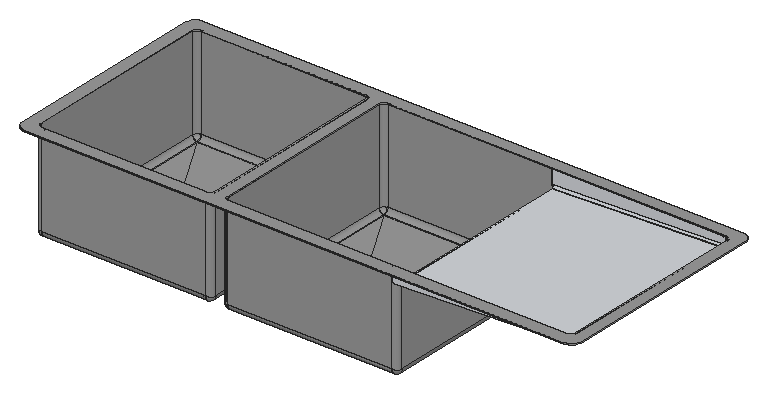
Revit family "BUILDMAT-SNA01019-Orlando-1125-Drainboard-Stainless-Steel", category Plumbing Fixtures, host Face, Revit 2020
Family settings
  Host = Face
  Round Connector Dimension = Use Diameter
  Part Type = Normal
  Cut with Voids When Loaded = No
  Shared = No
  Room Calculation Point = No
Parameters (values of type "Orlando 1125x450x205mm")
  Width 2 = 350.0 mm
  Width 1 = 350.0 mm
  Undermount [instance] = 20.0 mm
  URL = "https://www.buildmat.com.au/products/1125x450-orlando-double-bowl-drain-board-sink"
  Sound Pad 2 = yes
  Sound Pad 1 = yes
  Model = "SNA01019"  # constant formula
  Manufacturer URL = "https://www.buildmat.com.au/"
  Manufacturer = "BUILDMAT"  # constant formula
  Length = 400.0 mm
  Gap = 25.0 mm
  Drainboard Length = 350.0 mm
  Drain Sound Pad 2 = yes
  Drain Sound Pad 1 = yes
  Description = "BUILDMAT - Orlando 1125x450 Double Bowl with Drain Board Sink"  # constant formula
  Depth = 205.0 mm
  Default Elevation = 1200.0 mm
  D. S. Pad 2 = 175.0 mm
  D. S. Pad 1 = 200.0 mm
  D. Bracket 4 = 50.0 mm
  D. Bracket 3 = 100.0 mm
  D. Bracket 2 = 50.0 mm
  D. Bracket 1 = 100.0 mm
  Created By URL = "https://www.buildmat.com.au/"
  Created By = "BUILDMAT"  # constant formula
  Created = "22.06.2022"  # constant formula
  Bracket 4 = yes
  Bracket 3 = no
  Bracket 2 = yes
  Bracket 1 = yes
  Material = BUILDMAT Stainless Steel
Reference planes
  plane 1 "Center (Front/Back)": y = 0
  plane 2: z = 0
  plane 3 "Center (Left/Right)": x = 0
  plane 4: x = -12.5
  plane 5: x = 12.5
  plane 6: x = -362.5
  plane 7: x = 362.5
  plane 8: y = -200
  plane 9: y = 200
  plane 10: x = -387.5
  plane 11: y = -225
  plane 12: y = 225
  plane 13: x = 187.5
  plane 14: x = -187.5
  plane 15: y = 190
  plane 16: y = -190
  plane 17: x = -352.5
  plane 18: x = -22.5
  plane 19: x = 22.5
  plane 20: x = 352.5
  plane 21: y = 201.5
  plane 22: y = -201.5
  plane 23: x = -364
  plane 24: x = -11
  plane 25: x = 11
  plane 26: x = 364
  plane 27: x = -244.5
  plane 28: x = -130.5
  plane 29: x = -142.5
  plane 30: x = -232.5
  plane 31: x = 130.5
  plane 32: x = 142.5
  plane 33: x = 232.5
  plane 34: x = 244.5
  plane 35 "Sound Pad 1": x = -162.5
  plane 36 "Sound Pad 2": x = 187.5
  plane 37 "Top Substrate": z = -20
  plane 38: z = -18.5
  plane 39 "Bottom Void": z = -225
  plane 40: z = -215
  plane 41: z = -205
  plane 42: z = -220
  plane 43: z = -221.481
  plane 44: z = -216.5
  plane 45 "Sound Pad": z = -125
  plane 46 "Bracket 1": x = -262.5
  plane 47 "Bracket 2": x = -62.5
  plane 48 "Bracket 3": x = 112.5
  plane 49 "Bracket 4": x = 312.5
  plane 50: y = 100
  plane 51: y = -100
  plane 52: x = -287.5
  plane 53: x = -87.5
  plane 54: x = 87.5
  plane 55: x = 287.5
  plane 56: z = -185
  plane 57: z = -165
  plane 58 "Drainboard": x = 712.5
  plane 59: x = 737.5
  plane 60: x = 714
  plane 61: x = 702.5
  plane 62: z = -35
  plane 63: z = -50
  plane 64: x = 612.5
Forms (mm)
  Extrusion 1, void
    sketch origin (0, 0, 0) x (1, 0, 0) y (0, 1, 0)
      loop
        arc (-352.5, 200) -> (-359.571, 197.071) -> (-362.5, 190) r 10
        line (-362.5, 190) -> (-362.5, -190)
        arc (-362.5, -190) -> (-359.571, -197.071) -> (-352.5, -200) r 10
        line (-352.5, -200) -> (702.5, -200)
        arc (702.5, -200) -> (709.571, -197.071) -> (712.5, -190) r 10
        line (712.5, -190) -> (712.5, 190)
        arc (712.5, 190) -> (709.571, 197.071) -> (702.5, 200) r 10
        line (702.5, 200) -> (-352.5, 200)
    from 0 to -18.5
  Extrusion 2, void
    sketch origin (0, 0, 0) x (1, 0, 0) y (0, 1, 0)
      loop
        arc (-367.5, 225) -> (-381.642, 219.142) -> (-387.5, 205) r 20
        line (-387.5, 205) -> (-387.5, -205)
        arc (-387.5, -205) -> (-381.642, -219.142) -> (-367.5, -225) r 20
        line (-367.5, -225) -> (717.5, -225)
        arc (717.5, -225) -> (731.642, -219.142) -> (737.5, -205) r 20
        line (737.5, -205) -> (737.5, 205)
        arc (737.5, 205) -> (731.642, 219.142) -> (717.5, 225) r 20
        line (717.5, 225) -> (-367.5, 225)
    from -20 to -18.5
  Extrusion 3, void
    sketch origin (0, 0, 0) x (1, 0, 0) y (0, 1, 0)
      loop
        line (-364, 201.5) -> (-364, -201.5) -> (714, -201.5) -> (714, 201.5) -> (-364, 201.5)
    from -225 to -20
  Extrusion 4, solid, material "BUILDMAT Stainless Steel" <- "Material"
    sketch origin (0, 0, -20) x (-1, 0, 0) y (0, -1, 0)
      loop
        arc (367.5, -225) -> (381.642, -219.142) -> (387.5, -205) r 20
        line (387.5, -205) -> (387.5, 205)
        arc (387.5, 205) -> (381.642, 219.142) -> (367.5, 225) r 20
        line (367.5, 225) -> (-717.5, 225)
        arc (-717.5, 225) -> (-731.642, 219.142) -> (-737.5, 205) r 20
        line (-737.5, 205) -> (-737.5, -205)
        arc (-737.5, -205) -> (-731.642, -219.142) -> (-717.5, -225) r 20
        line (-717.5, -225) -> (367.5, -225)
      loop
        arc (352.5, -200) -> (359.571, -197.071) -> (362.5, -190) r 10
        line (362.5, -190) -> (362.5, 190)
        arc (362.5, 190) -> (359.571, 197.071) -> (352.5, 200) r 10
        line (352.5, 200) -> (22.5, 200)
        arc (22.5, 200) -> (15.429, 197.071) -> (12.5, 190) r 10
        line (12.5, 190) -> (12.5, -190)
        arc (12.5, -190) -> (15.429, -197.071) -> (22.5, -200) r 10
        line (22.5, -200) -> (352.5, -200)
      loop
        line (-12.5, -190) -> (-12.5, 190)
        arc (-12.5, 190) -> (-15.429, 197.071) -> (-22.5, 200) r 10
        line (-22.5, 200) -> (-702.5, 200)
        arc (-702.5, 200) -> (-709.571, 197.071) -> (-712.5, 190) r 10
        line (-712.5, 190) -> (-712.5, -190)
        arc (-712.5, -190) -> (-709.571, -197.071) -> (-702.5, -200) r 10
        line (-702.5, -200) -> (-22.5, -200)
        arc (-22.5, -200) -> (-15.429, -197.071) -> (-12.5, -190) r 10
    from 0 to 1.5
  Extrusion 5, solid, material "BUILDMAT Stainless Steel" <- "Material"
    sketch origin (0, 0, -20) x (-1, 0, 0) y (0, -1, 0)
      loop
        arc (352.5, -200) -> (359.571, -197.071) -> (362.5, -190) r 10
        line (362.5, -190) -> (362.5, 190)
        arc (362.5, 190) -> (359.571, 197.071) -> (352.5, 200) r 10
        line (352.5, 200) -> (22.5, 200)
        arc (22.5, 200) -> (15.429, 197.071) -> (12.5, 190) r 10
        line (12.5, 190) -> (12.5, -190)
        arc (12.5, -190) -> (15.429, -197.071) -> (22.5, -200) r 10
        line (22.5, -200) -> (352.5, -200)
      loop
        arc (352.5, -201.5) -> (360.632, -198.132) -> (364, -190) r 11.5
        line (364, -190) -> (364, 190)
        arc (364, 190) -> (360.632, 198.132) -> (352.5, 201.5) r 11.5
        line (352.5, 201.5) -> (22.5, 201.5)
        arc (22.5, 201.5) -> (14.368, 198.132) -> (11, 190) r 11.5
        line (11, 190) -> (11, -190)
        arc (11, -190) -> (14.368, -198.132) -> (22.5, -201.5) r 11.5
        line (22.5, -201.5) -> (352.5, -201.5)
    from 0 to -185
  Extrusion 6, solid, material "BUILDMAT Stainless Steel" <- "Material"
    sketch origin (0, 0, -20) x (-1, 0, 0) y (0, -1, 0)
      loop
        arc (-22.5, -200) -> (-15.429, -197.071) -> (-12.5, -190) r 10
        line (-12.5, -190) -> (-12.5, 190)
        arc (-12.5, 190) -> (-15.429, 197.071) -> (-22.5, 200) r 10
        line (-22.5, 200) -> (-352.5, 200)
        arc (-352.5, 200) -> (-359.571, 197.071) -> (-362.5, 190) r 10
        line (-362.5, 190) -> (-362.5, -190)
        arc (-362.5, -190) -> (-359.571, -197.071) -> (-352.5, -200) r 10
        line (-352.5, -200) -> (-22.5, -200)
      loop
        line (-11, -190) -> (-11, 190)
        arc (-11, 190) -> (-14.368, 198.132) -> (-22.5, 201.5) r 11.5
        line (-22.5, 201.5) -> (-352.5, 201.5)
        arc (-352.5, 201.5) -> (-360.632, 198.132) -> (-364, 190) r 11.5
        line (-364, 190) -> (-364, -190)
        arc (-364, -190) -> (-360.632, -198.132) -> (-352.5, -201.5) r 11.5
        line (-352.5, -201.5) -> (-22.5, -201.5)
        arc (-22.5, -201.5) -> (-14.368, -198.132) -> (-11, -190) r 11.5
    from 0 to -185
  Extrusion 7, solid, material "BUILDMAT Stainless Steel" <- "Material"
    sketch origin (0, 0, 0) x (1, 0, 0) y (0, 0, 1)
      loop
        line (-362.5, -205) -> (-364, -205)
        arc (-364, -205) -> (-360.632, -213.132) -> (-352.5, -216.5) r 11.5
        line (-352.5, -216.5) -> (-352.5, -215)
        arc (-352.5, -215) -> (-359.571, -212.071) -> (-362.5, -205) r 10
    from -190 to 190
  Extrusion 8, solid, material "BUILDMAT Stainless Steel" <- "Material"
    sketch origin (0, 0, 0) x (1, 0, 0) y (0, 0, 1)
      loop
        arc (-12.5, -205) -> (-15.429, -212.071) -> (-22.5, -215) r 10
        line (-22.5, -215) -> (-22.5, -216.5)
        arc (-22.5, -216.5) -> (-14.368, -213.132) -> (-11, -205) r 11.5
        line (-11, -205) -> (-12.5, -205)
    from -190 to 190
  Extrusion 9, solid, material "BUILDMAT Stainless Steel" <- "Material"
    sketch origin (0, 0, 0) x (1, 0, 0) y (0, 0, 1)
      loop
        line (12.5, -205) -> (11, -205)
        arc (11, -205) -> (14.368, -213.132) -> (22.5, -216.5) r 11.5
        line (22.5, -216.5) -> (22.5, -215)
        arc (22.5, -215) -> (15.429, -212.071) -> (12.5, -205) r 10
    from -190 to 190
  Extrusion 10, solid, material "BUILDMAT Stainless Steel" <- "Material"
    sketch origin (0, 0, 0) x (1, 0, 0) y (0, 0, 1)
      loop
        arc (362.5, -205) -> (359.571, -212.071) -> (352.5, -215) r 10
        line (352.5, -215) -> (352.5, -216.5)
        arc (352.5, -216.5) -> (360.632, -213.132) -> (364, -205) r 11.5
        line (364, -205) -> (362.5, -205)
    from -190 to 190
  Extrusion 11, solid, material "BUILDMAT Stainless Steel" <- "Material"
    sketch origin (0, 0, 0) x (0, 1, 0) y (0, 0, 1)
      loop
        line (201.5, -205) -> (200, -205)
        arc (200, -205) -> (197.071, -212.071) -> (190, -215) r 10
        line (190, -215) -> (190, -216.5)
        arc (190, -216.5) -> (198.132, -213.132) -> (201.5, -205) r 11.5
    from 22.5 to 352.5
  Extrusion 12, solid, material "BUILDMAT Stainless Steel" <- "Material"
    sketch origin (0, 0, 0) x (0, 1, 0) y (0, 0, 1)
      loop
        line (-200, -205) -> (-201.5, -205)
        arc (-201.5, -205) -> (-198.132, -213.132) -> (-190, -216.5) r 11.5
        line (-190, -216.5) -> (-190, -215)
        arc (-190, -215) -> (-197.071, -212.071) -> (-200, -205) r 10
    from 22.5 to 352.5
  Extrusion 13, solid, material "BUILDMAT Stainless Steel" <- "Material"
    sketch origin (0, 0, 0) x (0, 1, 0) y (0, 0, 1)
      loop
        arc (200, -205) -> (197.071, -212.071) -> (190, -215) r 10
        line (190, -215) -> (190, -216.5)
        arc (190, -216.5) -> (198.132, -213.132) -> (201.5, -205) r 11.5
        line (201.5, -205) -> (200, -205)
    from -352.5 to -22.5
  Extrusion 14, solid, material "BUILDMAT Stainless Steel" <- "Material"
    sketch origin (0, 0, 0) x (0, 1, 0) y (0, 0, 1)
      loop
        line (-200, -205) -> (-201.5, -205)
        arc (-201.5, -205) -> (-198.132, -213.132) -> (-190, -216.5) r 11.5
        line (-190, -216.5) -> (-190, -215)
        arc (-190, -215) -> (-197.071, -212.071) -> (-200, -205) r 10
    from -352.5 to -22.5
  Revolve 15, solid, material "BUILDMAT Stainless Steel" <- "Material"
    sketch origin (-423.435, 190, 4000) x (-1, 0, 0) y (0, 0, 1)
      loop
        arc (-60.935, -4205) -> (-63.864, -4212.071) -> (-70.935, -4215) r 10
        line (-70.935, -4215) -> (-70.935, -4216.5)
        arc (-70.935, -4216.5) -> (-62.804, -4213.132) -> (-59.435, -4205) r 11.5
        line (-59.435, -4205) -> (-60.935, -4205)
      axis (-70.935, -4205) -> (-70.935, -4216.5)
    angle from -90 to 0
  Revolve 16, solid, material "BUILDMAT Stainless Steel" <- "Material"
    sketch origin (-423.435, 190, 4000) x (-1, 0, 0) y (0, 0, 1)
      loop
        line (-410.935, -4205) -> (-412.435, -4205)
        arc (-412.435, -4205) -> (-409.067, -4213.132) -> (-400.935, -4216.5) r 11.5
        line (-400.935, -4216.5) -> (-400.935, -4215)
        arc (-400.935, -4215) -> (-408.006, -4212.071) -> (-410.935, -4205) r 10
      axis (-400.935, -4205) -> (-400.935, -4216.5)
    angle from -90 to 0
  Revolve 17, solid, material "BUILDMAT Stainless Steel" <- "Material"
    sketch origin (-423.435, 190, 4000) x (-1, 0, 0) y (0, 0, 1)
      loop
        arc (-435.935, -4205) -> (-438.864, -4212.071) -> (-445.935, -4215) r 10
        line (-445.935, -4215) -> (-445.935, -4216.5)
        arc (-445.935, -4216.5) -> (-437.804, -4213.132) -> (-434.435, -4205) r 11.5
        line (-434.435, -4205) -> (-435.935, -4205)
      axis (-445.935, -4205) -> (-445.935, -4216.5)
    angle from -90 to 0
  Revolve 18, solid, material "BUILDMAT Stainless Steel" <- "Material"
    sketch origin (-423.435, 190, 4000) x (-1, 0, 0) y (0, 0, 1)
      loop
        line (-785.935, -4205) -> (-787.435, -4205)
        arc (-787.435, -4205) -> (-784.067, -4213.132) -> (-775.935, -4216.5) r 11.5
        line (-775.935, -4216.5) -> (-775.935, -4215)
        arc (-775.935, -4215) -> (-783.006, -4212.071) -> (-785.935, -4205) r 10
      axis (-775.935, -4205) -> (-775.935, -4216.5)
    angle from -90 to 0
  Revolve 19, solid, material "BUILDMAT Stainless Steel" <- "Material"
    sketch origin (-423.435, -190, 4000) x (-1, 0, 0) y (0, 0, 1)
      loop
        arc (-60.935, -4205) -> (-63.864, -4212.071) -> (-70.935, -4215) r 10
        line (-70.935, -4215) -> (-70.935, -4216.5)
        arc (-70.935, -4216.5) -> (-62.804, -4213.132) -> (-59.435, -4205) r 11.5
        line (-59.435, -4205) -> (-60.935, -4205)
      axis (-70.935, -4205) -> (-70.935, -4216.5)
    angle from 0 to 90
  Revolve 20, solid, material "BUILDMAT Stainless Steel" <- "Material"
    sketch origin (-423.435, -190, 4000) x (-1, 0, 0) y (0, 0, 1)
      loop
        arc (-412.435, -4205) -> (-409.067, -4213.132) -> (-400.935, -4216.5) r 11.5
        line (-400.935, -4216.5) -> (-400.935, -4215)
        arc (-400.935, -4215) -> (-408.006, -4212.071) -> (-410.935, -4205) r 10
        line (-410.935, -4205) -> (-412.435, -4205)
      axis (-400.935, -4205) -> (-400.935, -4216.5)
    angle from 0 to 90
  Revolve 21, solid, material "BUILDMAT Stainless Steel" <- "Material"
    sketch origin (-423.435, -190, 4000) x (-1, 0, 0) y (0, 0, 1)
      loop
        line (-434.435, -4205) -> (-435.935, -4205)
        arc (-435.935, -4205) -> (-438.864, -4212.071) -> (-445.935, -4215) r 10
        line (-445.935, -4215) -> (-445.935, -4216.5)
        arc (-445.935, -4216.5) -> (-437.804, -4213.132) -> (-434.435, -4205) r 11.5
      axis (-445.935, -4205) -> (-445.935, -4216.5)
    angle from 0 to 90
  Revolve 22, solid, material "BUILDMAT Stainless Steel" <- "Material"
    sketch origin (-423.435, -190, 4000) x (-1, 0, 0) y (0, 0, 1)
      loop
        arc (-787.435, -4205) -> (-784.067, -4213.132) -> (-775.935, -4216.5) r 11.5
        line (-775.935, -4216.5) -> (-775.935, -4215)
        arc (-775.935, -4215) -> (-783.006, -4212.071) -> (-785.935, -4205) r 10
        line (-785.935, -4205) -> (-787.435, -4205)
      axis (-775.935, -4205) -> (-775.935, -4216.5)
    angle from 0 to 90
  Extrusion 23, solid, material "BUILDMAT Stainless Steel" <- "Material"
    sketch origin (0, 0, -20) x (-1, 0, 0) y (0, -1, 0)
      loop
        line (22.5, -190) -> (352.5, -190) -> (352.5, 190) -> (22.5, 190) -> (22.5, -190)
    from -196.5 to -195
  Extrusion 24, solid, material "BUILDMAT Stainless Steel" <- "Material"
    sketch origin (0, 0, -20) x (-1, 0, 0) y (0, -1, 0)
      loop
        line (-22.5, -190) -> (-22.5, 190) -> (-352.5, 190) -> (-352.5, -190) -> (-22.5, -190)
    from -196.5 to -195
  Blend 25, solid, material "BUILDMAT Stainless Steel" <- "Material"
    base sketch origin (0, 0, -20) x (-1, 0, 0) y (0, -1, 0)
      loop
        circle (187.5, 0) r 57
    top sketch origin (0, 0, -20) x (-1, 0, 0) y (0, -1, 0)
      loop
        line (352.5, -190) -> (352.5, 190) -> (22.5, 190) -> (22.5, -190) -> (352.5, -190)
    from -201.481 to -196.5
  Blend 26, solid, material "BUILDMAT Stainless Steel" <- "Material"
    base sketch origin (0, 0, -20) x (-1, 0, 0) y (0, -1, 0)
      loop
        circle (-187.5, 0) r 57
    top sketch origin (0, 0, -20) x (-1, 0, 0) y (0, -1, 0)
      loop
        line (-22.5, -190) -> (-22.5, 190) -> (-352.5, 190) -> (-352.5, -190) -> (-22.5, -190)
    from -201.481 to -196.5
  Blend 27, void
    base sketch origin (0, 0, -20) x (-1, 0, 0) y (0, -1, 0)
      loop
        circle (187.5, 0) r 57
    top sketch origin (0, 0, -20) x (-1, 0, 0) y (0, -1, 0)
      loop
        line (352.5, -190) -> (352.5, 190) -> (22.5, 190) -> (22.5, -190) -> (352.5, -190)
    from -200 to -195
  Blend 28, void
    base sketch origin (0, 0, -20) x (-1, 0, 0) y (0, -1, 0)
      loop
        circle (-187.5, 0) r 57
    top sketch origin (0, 0, -20) x (-1, 0, 0) y (0, -1, 0)
      loop
        line (-22.5, -190) -> (-22.5, 190) -> (-352.5, 190) -> (-352.5, -190) -> (-22.5, -190)
    from -200 to -195
  Extrusion 29, void
    sketch origin (0, 0, -225) x (-1, 0, 0) y (0, -1, 0)
      loop
        circle (187.5, 0) r 57
    from 0 to 5
  Extrusion 30, void
    sketch origin (0, 0, -225) x (-1, 0, 0) y (0, -1, 0)
      loop
        circle (-187.5, 0) r 57
    from 0 to 5
  Revolve 31, solid, material "BUILDMAT Stainless Steel" <- "Material"
    sketch origin (0, 0, 0) x (1, 0, 0) y (0, 0, 1)
      loop
        spline (-244.5, -220) -> (-244.397, -220.653) -> (-244.091, -221.294) -> (-243.587, -221.913) -> (-242.892, -222.5) -> (-242.02, -223.044) -> (-240.985, -223.536) -> (-239.805, -223.967) -> (-238.5, -224.33) -> (-237.092, -224.619) -> (-235.606, -224.83) -> (-234.066, -224.957) -> (-232.5, -225)
        line (-232.5, -225) -> (-232.5, -223.5)
        spline (-232.5, -223.5) -> (-233.871, -223.47) -> (-235.218, -223.381) -> (-236.518, -223.234) -> (-237.75, -223.031) -> (-238.892, -222.777) -> (-239.925, -222.475) -> (-240.83, -222.131) -> (-241.593, -221.75) -> (-242.201, -221.339) -> (-242.642, -220.906) -> (-242.91, -220.457) -> (-243, -220)
        line (-243, -220) -> (-244.5, -220)
      axis (-187.5, -225) -> (-187.5, -220)
    angle from 0 to 360
  Revolve 32, solid, material "BUILDMAT Stainless Steel" <- "Material"
    sketch origin (0, 0, 0) x (1, 0, 0) y (0, 0, 1)
      loop
        line (244.5, -220) -> (243, -220)
        spline (243, -220) -> (242.91, -220.457) -> (242.642, -220.906) -> (242.201, -221.339) -> (241.593, -221.75) -> (240.83, -222.131) -> (239.925, -222.475) -> (238.892, -222.777) -> (237.75, -223.031) -> (236.518, -223.234) -> (235.218, -223.381) -> (233.871, -223.47) -> (232.5, -223.5)
        line (232.5, -223.5) -> (232.5, -225)
        spline (232.5, -225) -> (234.066, -224.957) -> (235.606, -224.83) -> (237.092, -224.619) -> (238.5, -224.33) -> (239.805, -223.967) -> (240.985, -223.536) -> (242.02, -223.044) -> (242.892, -222.5) -> (243.587, -221.913) -> (244.091, -221.294) -> (244.397, -220.653) -> (244.5, -220)
      axis (187.5, -220) -> (187.5, -225)
    angle from 0 to 360
  Extrusion 33, solid
    sketch origin (0, 0, 0) x (1, 0, 0) y (0, 0, 1)
      loop
        line (352.5, -50) -> (714, -35) -> (714, -20) -> (712.5, -20) -> (712.5, -33.561) -> (352.5, -48.499) -> (352.5, -50)
    from -190 to 190
  Revolve 34, solid
    sketch origin (-423.435, 190, 4000) x (-1, 0, 0) y (0, 0, 1)
      loop
        line (-1137.435, -4035) -> (-1125.935, -4035.477) -> (-1125.935, -4033.976) -> (-1135.935, -4033.561) -> (-1135.935, -4020) -> (-1137.435, -4020) -> (-1137.435, -4035)
      axis (-1125.935, -4035.477) -> (-1125.935, -4020)
    angle from -90 to 0
  Revolve 35, solid
    sketch origin (-423.435, -190, 4000) x (-1, 0, 0) y (0, 0, 1)
      loop
        line (-1137.435, -4035) -> (-1125.935, -4035.477) -> (-1125.935, -4033.976) -> (-1135.935, -4033.561) -> (-1135.935, -4020) -> (-1137.435, -4020) -> (-1137.435, -4035)
      axis (-1125.935, -4035.477) -> (-1125.935, -4020)
    angle from 0 to 90
  SweptBlend 36, solid
    path origin (0, 0, -20) x (-1, 0, 0) y (0, -1, 0)
      loop
        line (-352.5, -200) -> (-702.5, -200)
    profile origin (352.5, 200, -20) x (0, 1, 0) y (0, 0, 1)
      loop
        line (0, -28.084) -> (-10, -28.499) -> (-10, -30) -> (1.5, -29.523) -> (1.5, 0) -> (0, 0) -> (0, -28.084)
    end profile origin (702.5, 200, -20) x (0, 1, 0) y (0, 0, 1)
      loop
        line (0, -13.561) -> (-10, -13.976) -> (-10, -15.477) -> (1.5, -15) -> (1.5, 0) -> (0, 0) -> (0, -13.561)
  Extrusion 37, void
    sketch origin (0, 0, -20) x (-1, 0, 0) y (0, -1, 0)
      loop
        arc (-362.5, -190) -> (-359.571, -197.071) -> (-352.5, -200) r 10
        line (-352.5, -200) -> (-352.5, 200)
        arc (-352.5, 200) -> (-359.571, 197.071) -> (-362.5, 190) r 10
        line (-362.5, 190) -> (-362.5, -190)
    from -30 to 0
  SweptBlend 38, solid
    path origin (0, 0, -20) x (-1, 0, 0) y (0, -1, 0)
      loop
        line (-352.5, 190) -> (-702.5, 190)
    profile origin (352.5, -190, -20) x (0, 1, 0) y (0, 0, 1)
      loop
        line (-11.5, -29.523) -> (0, -30) -> (0, -28.499) -> (-10, -28.084) -> (-10, 0) -> (-11.5, 0) -> (-11.5, -29.523)
    end profile origin (702.5, -190, -20) x (0, 1, 0) y (0, 0, 1)
      loop
        line (0, -15.477) -> (0, -13.976) -> (-10, -13.561) -> (-10, 0) -> (-11.5, 0) -> (-11.5, -15) -> (0, -15.477)
  SweptBlend 39, void
    path origin (0, 0, -20) x (-1, 0, 0) y (0, -1, 0)
      loop
        line (-352.5, 0) -> (-702.5, 0)
    profile origin (352.5, 0, -20) x (0, 1, 0) y (0, 0, 1)
      loop
        line (-190, -30) -> (190, -30) -> (201.5, -29.523) -> (201.5, 0) -> (-201.5, 0) -> (-201.5, -29.523) -> (-190, -30)
    end profile origin (702.5, 0, -20) x (0, 1, 0) y (0, 0, 1)
      loop
        line (201.5, 0) -> (-201.5, 0) -> (-201.5, -15) -> (201.5, -15) -> (201.5, 0)
Cuts and joins
  Blend 27, Extrusion 29 cuts Extrusion 23
  Blend 27, Extrusion 29 cuts Blend 25
  joined: Extrusion 23, Blend 25
  Blend 28, Extrusion 30 cuts Extrusion 24
  Blend 28, Extrusion 30 cuts Blend 26
  joined: Extrusion 24, Blend 26
  Extrusion 37 cuts Extrusion 33
  Extrusion 37 cuts SweptBlend 36
  Extrusion 37 cuts SweptBlend 38
  SweptBlend 39 cuts Extrusion 4
  SweptBlend 39 cuts Extrusion 6
  SweptBlend 39 cuts Revolve 34
  SweptBlend 39 cuts Revolve 35
Lines and regions (mm)
  Masking region 1
    outline origin (0, 0, 0) x (1, 0, 0) y (0, 0, 1)
      loop
        line (-362.5, -20) -> (-362.5, -205)
        arc (-362.5, -205) -> (-359.571, -212.071) -> (-352.5, -215) r 10
        line (-352.5, -215) -> (-244.5, -220) -> (-130.5, -220) -> (-22.5, -215)
        arc (-22.5, -215) -> (-15.429, -212.071) -> (-12.5, -205) r 10
        line (-12.5, -205) -> (-12.5, -20) -> (-362.5, -20)
  Masking region 2
    outline origin (0, 0, 0) x (1, 0, 0) y (0, 0, 1)
      loop
        line (12.5, -20) -> (12.5, -205)
        arc (12.5, -205) -> (15.109, -211.736) -> (21.576, -214.957) r 10
        line (21.576, -214.957) -> (130.5, -220) -> (244.5, -220) -> (352.5, -215)
        arc (352.5, -215) -> (359.571, -212.071) -> (362.5, -205) r 10
        line (362.5, -205) -> (362.5, -20) -> (12.5, -20)
  Masking region 3, visible <- "Drain Sound Pad 1"
    outline origin (0, 0, 0) x (1, 0, 0) y (0, 0, 1)
      loop
        line (-244.5, -221.481) -> (-287.5, -219.498) -> (-287.5, -225) -> (-244.5, -225) -> (-244.5, -221.481)
  Masking region 4, visible <- "Drain Sound Pad 1"
    outline origin (0, 0, 0) x (1, 0, 0) y (0, 0, 1)
      loop
        line (-130.5, -221.481) -> (-130.5, -225) -> (-87.5, -225) -> (-87.5, -219.498) -> (-130.5, -221.481)
  Masking region 5, visible <- "Drain Sound Pad 2"
    outline origin (0, 0, 0) x (1, 0, 0) y (0, 0, 1)
      loop
        line (87.5, -219.498) -> (87.5, -225) -> (130.5, -225) -> (130.5, -221.481) -> (87.5, -219.498)
  Masking region 6, visible <- "Drain Sound Pad 2"
    outline origin (0, 0, 0) x (1, 0, 0) y (0, 0, 1)
      loop
        line (287.5, -219.498) -> (244.5, -221.481) -> (244.5, -225) -> (287.5, -225) -> (287.5, -219.498)
  Masking region 7
    outline origin (0, 0, 0) x (1, 0, 0) y (0, 0, 1)
      loop
        line (-11, -165) -> (-11, -185) -> (11, -185) -> (11, -165) -> (-11, -165)
  Masking region 8
    outline origin (-423.435, -190, 4000) x (-1, 0, 0) y (0, 0, 1)
      loop
        line (-1148.435, -4020) -> (-1149.935, -4020) -> (-1149.935, -4035) -> (-1148.435, -4035) -> (-1148.435, -4020)
  Masking region 9
    outline origin (-423.435, -190, 4000) x (-1, 0, 0) y (0, 0, 1)
      loop
        line (-787.435, -4097.929) -> (-787.435, -4055.503) -> (-793.674, -4049.264) -> (-837.937, -4047.427) -> (-787.435, -4097.929)
  Masking region 10
    outline origin (0, 0, -20) x (-1, 0, 0) y (0, -1, 0)
      loop
        arc (-352.5, -200) -> (-359.571, -197.071) -> (-362.5, -190) r 10
        line (-362.5, -190) -> (-362.5, 190)
        arc (-362.5, 190) -> (-359.571, 197.071) -> (-352.5, 200) r 10
        line (-352.5, 200) -> (-702.5, 200)
        arc (-702.5, 200) -> (-709.571, 197.071) -> (-712.5, 190) r 10
        line (-712.5, 190) -> (-712.5, -190)
        arc (-712.5, -190) -> (-709.571, -197.071) -> (-702.5, -200) r 10
        line (-702.5, -200) -> (-352.5, -200)
Text (mm)
  text "Refer to www.buildmat.com.au for the most current product literature. \nAllow a +/- 5mm tolerance for dimensions shown in the product literature. \nPlease note product details are subject to change due to ongoing product development." at (0.056, -1035.857, 0), in view "Ref. Level"
Dimensions and locks
  equal spacing: plane 4, plane 3 "Center (Left/Right)", plane 5
  "Gap": plane 4 to plane 5
  "Width 1": plane 6 to plane 4
  "Width 2": plane 5 to plane 7
  equal spacing: plane 9, plane 1 "Center (Front/Back)", plane 8
  "Length": plane 8 to plane 9
  locked: plane 10 to plane 6 at 25
  locked: plane 12 to plane 9 at 25
  locked: plane 8 to plane 11 at 25
  equal spacing: plane 5, plane 13, plane 7
  equal spacing: plane 6, plane 14, plane 4
  locked: plane 9 to plane 15 at 10
  locked: plane 16 to plane 8 at 10
  locked: plane 6 to plane 17 at 10
  locked: plane 18 to plane 4 at 10
  locked: plane 5 to plane 19 at 10
  locked: plane 20 to plane 7 at 10
  locked: plane 8 to plane 22 at 1.5
  locked: plane 21 to plane 9 at 1.5
  locked: plane 23 to plane 6 at 1.5
  locked: plane 4 to plane 24 at 1.5
  locked: plane 25 to plane 5 at 1.5
  locked: plane 7 to plane 26 at 1.5
  plane 27 to plane 14 to plane 28 = 57.0 mm locked, 57.0 mm locked
  plane 30 to plane 14 to plane 29 = 45.0 mm locked, 45.0 mm locked
  plane 31 to plane 13 to plane 34 = 57.0 mm locked, 57.0 mm locked
  plane 32 to plane 13 to plane 33 = 45.0 mm locked, 45.0 mm locked
  locked: plane 38 to plane 37 "Top Substrate" at 1.5
  plane 41 to plane 40 to plane 39 "Bottom Void" = 10.0 mm locked, 10.0 mm locked
  locked: plane 42 to plane 39 "Bottom Void" at 5
  locked: plane 42 to plane 43 at 1.481
  locked: plane 40 to plane 44 at 1.5
  locked: plane 45 "Sound Pad" to plane 39 "Bottom Void" at 100
  "Depth": plane 37 "Top Substrate" to plane 39 "Bottom Void"
  "Undermount": plane 2 to plane 37 "Top Substrate"
  "D. S. Pad 1": plane 35 "Sound Pad 1" to plane 6
  "D. S. Pad 2": plane 7 to plane 36 "Sound Pad 2"
  "D. Bracket 1": plane 46 "Bracket 1" to plane 6
  "D. Bracket 2": plane 4 to plane 47 "Bracket 2"
  "D. Bracket 3": plane 48 "Bracket 3" to plane 5
  "D. Bracket 4": plane 7 to plane 49 "Bracket 4"
  locked: plane 9 to plane 50 at 100
  locked: plane 51 to plane 8 at 100
  plane 53 to plane 14 to plane 52 = 100.0 mm locked, 100.0 mm locked
  plane 55 to plane 13 to plane 54 = 100.0 mm locked, 100.0 mm locked
  plane 57 to plane 56 to plane 41 = 20.0 mm locked, 20.0 mm locked
  "Drainboard Length": plane 7 to plane 58 "Drainboard"
  locked: plane 58 "Drainboard" to plane 59 at 25
  locked: plane 58 "Drainboard" to plane 60 at 1.5
  locked: plane 61 to plane 58 "Drainboard" at 10
  plane 37 "Top Substrate" to plane 62 to plane 63 = 15.0 mm locked, 15.0 mm locked
  locked: plane 64 to plane 58 "Drainboard" at 100
  aligned and locked: plane 2 to host face
  aligned and locked: level to host face
  aligned and locked: Extrusion 1 sketch curve to plane 9
  aligned and locked: Extrusion 1 sketch curve to plane 6
  aligned and locked: Extrusion 1 sketch curve to plane 8
  aligned and locked: Extrusion 1 to level
  aligned and locked: Extrusion 1 to plane 38
  aligned and locked: Extrusion 2 sketch curve to plane 12
  aligned and locked: Extrusion 2 sketch curve to plane 10
  aligned and locked: Extrusion 2 sketch curve to plane 11
  aligned and locked: Extrusion 2 to plane 37 "Top Substrate"
  aligned and locked: Extrusion 2 to plane 38
  aligned and locked: Extrusion 3 sketch curve to plane 21
  aligned and locked: Extrusion 3 sketch curve to plane 23
  aligned and locked: Extrusion 3 sketch curve to plane 22
  aligned and locked: Extrusion 3 to plane 39 "Bottom Void"
  aligned and locked: Extrusion 3 to plane 37 "Top Substrate"
  aligned and locked: Extrusion 4 sketch curve to plane 12
  aligned and locked: Extrusion 4 sketch curve to plane 10
  aligned and locked: Extrusion 4 sketch curve to plane 11
  aligned and locked: Extrusion 4 sketch curve to plane 9  (x2)
  aligned and locked: Extrusion 4 sketch curve to plane 6
  aligned and locked: Extrusion 4 sketch curve to plane 8  (x2)
  aligned and locked: Extrusion 4 sketch curve to plane 4
  aligned and locked: Extrusion 4 sketch curve to plane 5
  aligned and locked: Extrusion 4 to plane 37 "Top Substrate"
  aligned and locked: Extrusion 4 to plane 38
  aligned and locked: Extrusion 5 sketch curve to plane 9
  aligned and locked: Extrusion 5 sketch curve to plane 21
  aligned and locked: Extrusion 5 sketch curve to plane 6
  aligned and locked: Extrusion 5 sketch curve to plane 23
  aligned and locked: Extrusion 5 sketch curve to plane 24
  aligned and locked: Extrusion 5 sketch curve to plane 4
  aligned and locked: Extrusion 5 sketch curve to plane 22
  aligned and locked: Extrusion 5 sketch curve to plane 8
  aligned and locked: Extrusion 5 to plane 41
  aligned and locked: plane 37 "Top Substrate" to Extrusion 5
  aligned and locked: Extrusion 6 sketch curve to plane 9
  aligned and locked: Extrusion 6 sketch curve to plane 7
  aligned and locked: Extrusion 6 sketch curve to plane 8
  aligned and locked: Extrusion 6 sketch curve to plane 5
  aligned and locked: Extrusion 6 sketch curve to plane 25
  aligned and locked: Extrusion 6 sketch curve to plane 26
  aligned and locked: Extrusion 6 sketch curve to plane 21
  aligned and locked: Extrusion 6 sketch curve to plane 22
  aligned and locked: Extrusion 6 to plane 41
  aligned and locked: plane 37 "Top Substrate" to Extrusion 6
  aligned and locked: Extrusion 7 sketch curve to plane 41
  aligned and locked: Extrusion 7 sketch curve to plane 17
  aligned and locked: Extrusion 8 sketch curve to plane 41
  aligned and locked: Extrusion 8 sketch curve to plane 18
  aligned and locked: Extrusion 9 sketch curve to plane 41
  aligned and locked: Extrusion 9 sketch curve to plane 19
  aligned and locked: Extrusion 10 sketch curve to plane 20
  aligned and locked: plane 41 to Extrusion 10 sketch curve
  aligned and locked: plane 15 to Extrusion 10
  aligned and locked: plane 15 to Extrusion 9
  aligned and locked: plane 15 to Extrusion 8
  aligned and locked: plane 15 to Extrusion 7
  aligned and locked: Extrusion 10 to plane 16
  aligned and locked: Extrusion 9 to plane 16
  aligned and locked: Extrusion 8 to plane 16
  aligned and locked: Extrusion 7 to plane 16
  aligned and locked: plane 41 to Extrusion 11 sketch curve
  aligned and locked: plane 15 to Extrusion 11 sketch curve
  aligned and locked: plane 16 to Extrusion 12 sketch curve
  aligned and locked: plane 41 to Extrusion 12 sketch curve
  aligned and locked: plane 20 to Extrusion 11
  aligned and locked: plane 20 to Extrusion 12
  aligned and locked: Extrusion 11 to plane 19
  aligned and locked: Extrusion 12 to plane 19
  aligned and locked: plane 15 to Extrusion 13 sketch curve
  aligned and locked: plane 41 to Extrusion 13 sketch curve
  aligned and locked: plane 16 to Extrusion 14 sketch curve
  aligned and locked: plane 41 to Extrusion 14 sketch curve
  aligned and locked: Extrusion 14 to plane 17
  aligned and locked: plane 18 to Extrusion 14
  aligned and locked: Extrusion 13 to plane 17
  aligned and locked: plane 18 to Extrusion 13
  aligned and locked: Revolve 15 sketch curve to plane 17
  aligned and locked: plane 41 to Revolve 15 sketch curve
  aligned and locked: plane 17 to Revolve 15 sketch curve
  aligned and locked: plane 17 to Revolve 15
  aligned and locked: plane 15 to Revolve 15
  aligned and locked: Revolve 16 sketch curve to plane 18
  aligned and locked: plane 18 to Revolve 16 sketch curve
  aligned and locked: plane 41 to Revolve 16 sketch curve
  aligned and locked: Revolve 16 to plane 18
  aligned and locked: plane 15 to Revolve 16
  aligned and locked: Revolve 17 sketch curve to plane 19
  aligned and locked: plane 41 to Revolve 17 sketch curve
  aligned and locked: plane 19 to Revolve 17 sketch curve
  aligned and locked: plane 19 to Revolve 17
  aligned and locked: plane 15 to Revolve 17
  aligned and locked: Revolve 18 sketch curve to plane 20
  aligned and locked: plane 20 to Revolve 18 sketch curve
  aligned and locked: plane 41 to Revolve 18 sketch curve
  aligned and locked: Revolve 18 to plane 20
  aligned and locked: plane 15 to Revolve 18
  aligned and locked: Revolve 19 sketch curve to plane 17
  aligned and locked: plane 41 to Revolve 19 sketch curve
  aligned and locked: plane 17 to Revolve 19 sketch curve
  aligned and locked: Revolve 19 to plane 17
  aligned and locked: plane 16 to Revolve 19
  aligned and locked: Revolve 20 sketch curve to plane 18
  aligned and locked: plane 41 to Revolve 20 sketch curve
  aligned and locked: plane 18 to Revolve 20 sketch curve
  aligned and locked: plane 18 to Revolve 20
  aligned and locked: plane 16 to Revolve 20
  aligned and locked: Revolve 21 sketch curve to plane 19
  aligned and locked: plane 41 to Revolve 21 sketch curve
  aligned and locked: plane 19 to Revolve 21 sketch curve
  aligned and locked: Revolve 21 to plane 19
  aligned and locked: plane 16 to Revolve 21
  aligned and locked: Revolve 22 sketch curve to plane 20
  aligned and locked: plane 41 to Revolve 22 sketch curve
  aligned and locked: plane 20 to Revolve 22 sketch curve
  aligned and locked: plane 16 to Revolve 22
  aligned and locked: plane 20 to Revolve 22
  aligned and locked: Extrusion 23 sketch curve to plane 18
  aligned and locked: Extrusion 23 sketch curve to plane 17
  aligned and locked: Extrusion 23 sketch curve to plane 15
  aligned and locked: Extrusion 23 sketch curve to plane 16
  aligned and locked: Extrusion 23 to plane 44
  aligned and locked: plane 40 to Extrusion 23
  aligned and locked: Extrusion 24 sketch curve to plane 15
  aligned and locked: Extrusion 24 sketch curve to plane 16
  aligned and locked: Extrusion 24 sketch curve to plane 20
  aligned and locked: Extrusion 24 sketch curve to plane 19
  aligned and locked: Extrusion 24 to plane 44
  aligned and locked: Extrusion 24 to plane 40
  aligned and locked: plane 43 to Blend 25
  aligned and locked: plane 44 to Blend 25
  aligned and locked: plane 43 to Blend 26
  aligned and locked: Blend 26 to plane 44
  aligned and locked: Blend 25 sketch curve to plane 15
  aligned and locked: Blend 25 sketch curve to plane 16
  aligned and locked: Blend 25 sketch curve to plane 17
  aligned and locked: Blend 25 sketch curve to plane 18
  aligned and locked: Blend 26 sketch curve to plane 15
  aligned and locked: Blend 26 sketch curve to plane 16
  aligned and locked: Blend 26 sketch curve to plane 20
  aligned and locked: Blend 26 sketch curve to plane 19
  aligned and locked: Blend 27 sketch curve to plane 15
  aligned and locked: Blend 27 sketch curve to plane 16
  aligned and locked: Blend 27 sketch curve to plane 17
  aligned and locked: Blend 27 sketch curve to plane 18
  aligned and locked: Blend 27 to plane 42
  aligned and locked: plane 40 to Blend 27
  aligned and locked: Blend 28 sketch curve to plane 15
  aligned and locked: Blend 28 sketch curve to plane 16
  aligned and locked: Blend 28 sketch curve to plane 20
  aligned and locked: Blend 28 sketch curve to plane 19
  aligned and locked: Blend 28 to plane 42
  aligned and locked: Blend 28 to plane 40
  aligned and locked: Extrusion 29 to plane 39 "Bottom Void"
  aligned and locked: plane 42 to Extrusion 29
  aligned and locked: Extrusion 30 to plane 39 "Bottom Void"
  aligned and locked: plane 42 to Extrusion 30
  aligned and locked: plane 14 to Revolve 31 sketch curve
  aligned and locked: Revolve 31 sketch curve to plane 42
  aligned and locked: plane 30 to Revolve 31 sketch curve
  aligned and locked: Revolve 32 sketch curve to plane 13
  aligned and locked: plane 33 to Revolve 32 sketch curve
  aligned and locked: plane 42 to Revolve 32 sketch curve
  aligned and locked: plane 17 to nested 1
  aligned and locked: plane 18 to nested 1
  aligned and locked: plane 16 to nested 1
  aligned and locked: plane 15 to nested 1
  aligned and locked: plane 19 to nested 2
  aligned and locked: plane 20 to nested 2
  aligned and locked: plane 16 to nested 2
  aligned and locked: plane 13 to nested 4
  aligned and locked: plane 14 to nested 3
  aligned and locked: plane 1 "Center (Front/Back)" to nested 3
  aligned and locked: plane 1 "Center (Front/Back)" to nested 4
  aligned and locked: plane 50 to nested 5
  aligned and locked: plane 23 to nested 5
  aligned and locked: plane 51 to nested 6
  aligned and locked: plane 23 to nested 6
  aligned and locked: nested 11 to plane 46 "Bracket 1"
  aligned and locked: nested 12 to plane 47 "Bracket 2"
  aligned and locked: plane 22 to nested 11
  aligned and locked: plane 22 to nested 12
  aligned and locked: nested 13 to plane 48 "Bracket 3"
  aligned and locked: plane 22 to nested 13
  aligned and locked: nested 14 to plane 49 "Bracket 4"
  aligned and locked: plane 22 to nested 14
  aligned and locked: plane 46 "Bracket 1" to nested 7
  aligned and locked: nested 7 to plane 21
  aligned and locked: plane 47 "Bracket 2" to nested 8
  aligned and locked: nested 8 to plane 21
  aligned and locked: plane 48 "Bracket 3" to nested 9
  aligned and locked: plane 49 "Bracket 4" to nested 10
  aligned and locked: nested 10 to plane 21
  aligned and locked: nested 9 to plane 21
  aligned and locked: Masking region 1 sketch curve to plane 37 "Top Substrate"
  aligned and locked: Masking region 1 sketch curve to plane 6
  aligned and locked: Masking region 1 sketch curve to plane 4
  aligned and locked: Masking region 1 sketch curve to Extrusion 7
  aligned and locked: Masking region 1 sketch curve to Extrusion 8
  aligned and locked: Masking region 1 sketch curve to plane 42
  aligned and locked: Masking region 1 sketch curve to cut or joined group of Extrusion 23, Blend 25, Blend 27, Extrusion 29  (x2)
  aligned and locked: Masking region 2 sketch curve to plane 37 "Top Substrate"
  aligned and locked: Masking region 2 sketch curve to plane 42
  aligned and locked: Masking region 2 sketch curve to plane 7
  aligned and locked: Masking region 2 sketch curve to plane 5
  aligned and locked: Masking region 2 sketch curve to Extrusion 9
  aligned and locked: Masking region 2 sketch curve to cut or joined group of Extrusion 24, Blend 26, Blend 28, Extrusion 30  (x2)
  aligned and locked: Masking region 2 sketch curve to Extrusion 10
  aligned and locked: nested 15 to plane 37 "Top Substrate"
  aligned and locked: plane 46 "Bracket 1" to nested 15
  aligned and locked: nested 16 to plane 37 "Top Substrate"
  aligned and locked: plane 47 "Bracket 2" to nested 16
  aligned and locked: nested 18 to plane 37 "Top Substrate"
  aligned and locked: plane 49 "Bracket 4" to nested 18
  aligned and locked: nested 17 to plane 37 "Top Substrate"
  aligned and locked: plane 48 "Bracket 3" to nested 17
  aligned and locked: nested 19 to plane 45 "Sound Pad"
  aligned and locked: plane 35 "Sound Pad 1" to nested 19
  aligned and locked: nested 20 to plane 45 "Sound Pad"
  aligned and locked: plane 36 "Sound Pad 2" to nested 20
  aligned and locked: Masking region 3 sketch curve to plane 27
  aligned and locked: cut or joined group of Extrusion 23, Blend 25, Blend 27, Extrusion 29 to Masking region 3 sketch curve
  aligned and locked: Masking region 3 sketch curve to plane 39 "Bottom Void"
  aligned and locked: Masking region 3 sketch curve to plane 52
  aligned and locked: Masking region 4 sketch curve to plane 28
  aligned and locked: Masking region 4 sketch curve to plane 53
  aligned and locked: Masking region 4 sketch curve to plane 39 "Bottom Void"
  aligned and locked: Masking region 4 sketch curve to cut or joined group of Extrusion 23, Blend 25, Blend 27, Extrusion 29
  aligned and locked: cut or joined group of Extrusion 24, Blend 26, Blend 28, Extrusion 30 to Masking region 5 sketch curve
  aligned and locked: Masking region 5 sketch curve to plane 54
  aligned and locked: Masking region 5 sketch curve to plane 31
  aligned and locked: Masking region 5 sketch curve to plane 39 "Bottom Void"
  aligned and locked: Masking region 6 sketch curve to plane 55
  aligned and locked: Masking region 6 sketch curve to plane 34
  aligned and locked: Masking region 6 sketch curve to cut or joined group of Extrusion 24, Blend 26, Blend 28, Extrusion 30
  aligned and locked: Masking region 6 sketch curve to plane 39 "Bottom Void"
  aligned and locked: Masking region 7 sketch curve to plane 57
  aligned and locked: Masking region 7 sketch curve to plane 56
  aligned and locked: Masking region 7 sketch curve to plane 24
  aligned and locked: Masking region 7 sketch curve to plane 25
  aligned and locked: Extrusion 4 sketch curve to plane 59
  aligned and locked: Extrusion 4 sketch curve to plane 58 "Drainboard"
  aligned and locked: Extrusion 2 sketch curve to plane 59
  aligned and locked: Extrusion 3 sketch curve to plane 60
  aligned and locked: Extrusion 1 sketch curve to plane 58 "Drainboard"
  aligned and locked: Extrusion 33 sketch curve to plane 20
  aligned and locked: Extrusion 33 sketch curve to plane 60
  aligned and locked: plane 37 "Top Substrate" to Extrusion 33 sketch curve
  aligned and locked: Extrusion 33 sketch curve to plane 58 "Drainboard"
  aligned and locked: Extrusion 33 to plane 15
  aligned and locked: Extrusion 33 to plane 16
  aligned and locked: plane 61 to Revolve 34 sketch curve  (x2)
  aligned and locked: plane 60 to Revolve 34 sketch curve
  aligned and locked: plane 58 "Drainboard" to Revolve 34 sketch curve
  aligned and locked: Revolve 34 sketch curve to Extrusion 33
  aligned and locked: Extrusion 33 to Revolve 34 sketch curve
  aligned and locked: plane 37 "Top Substrate" to Revolve 34 sketch curve
  aligned and locked: Revolve 34 to plane 61
  aligned and locked: Revolve 34 to plane 15
  aligned and locked: Revolve 35 sketch curve to plane 37 "Top Substrate"
  aligned and locked: plane 61 to Revolve 35 sketch curve  (x2)
  aligned and locked: plane 60 to Revolve 35 sketch curve
  aligned and locked: plane 58 "Drainboard" to Revolve 35 sketch curve
  aligned and locked: plane 37 "Top Substrate" to Revolve 35 sketch curve
  aligned and locked: Extrusion 33 to Revolve 35 sketch curve
  aligned and locked: Revolve 35 sketch curve to Extrusion 33
  aligned and locked: Revolve 35 to plane 16
  aligned and locked: plane 61 to Revolve 35
  aligned and locked: plane 20 to SweptBlend 36 sketch curve
  aligned and locked: plane 61 to SweptBlend 36 sketch curve
  aligned and locked: SweptBlend 36 sketch curve to plane 9
  aligned and locked: plane 9 to SweptBlend 36 sketch curve  (x2)
  aligned and locked: plane 21 to SweptBlend 36 sketch curve  (x2)
  aligned and locked: plane 37 "Top Substrate" to SweptBlend 36 sketch curve  (x2)
  aligned and locked: plane 15 to SweptBlend 36 sketch curve  (x2)
  aligned and locked: Extrusion 37 sketch curve to plane 20
  aligned and locked: Extrusion 37 sketch curve to Extrusion 6  (x2)
  aligned and locked: plane 63 to Extrusion 37
  aligned and locked: plane 37 "Top Substrate" to Extrusion 37
  aligned and locked: plane 20 to SweptBlend 38 sketch curve
  aligned and locked: plane 61 to SweptBlend 38 sketch curve
  aligned and locked: SweptBlend 38 sketch curve to plane 16
  aligned and locked: plane 16 to SweptBlend 38 sketch curve  (x2)
  aligned and locked: plane 22 to SweptBlend 38 sketch curve  (x2)
  aligned and locked: plane 8 to SweptBlend 38 sketch curve  (x2)
  aligned and locked: plane 37 "Top Substrate" to SweptBlend 38 sketch curve  (x2)
  aligned and locked: plane 20 to SweptBlend 39 sketch curve
  aligned and locked: plane 1 "Center (Front/Back)" to SweptBlend 39 sketch curve
  aligned and locked: plane 61 to SweptBlend 39 sketch curve
  aligned and locked: plane 63 to SweptBlend 39 sketch curve
  aligned and locked: plane 37 "Top Substrate" to SweptBlend 39 sketch curve
  aligned and locked: plane 21 to SweptBlend 39 sketch curve
  aligned and locked: plane 22 to SweptBlend 39 sketch curve  (x2)
  aligned and locked: SweptBlend 39 sketch curve to plane 21
  aligned and locked: SweptBlend 39 sketch curve to plane 37 "Top Substrate"
  aligned and locked: SweptBlend 39 sketch curve to plane 62
  aligned and locked: nested 21 to plane 21
  aligned and locked: plane 64 to nested 21
  aligned and locked: plane 22 to nested 24
  aligned and locked: nested 24 to plane 64
  aligned and locked: plane 51 to nested 23
  aligned and locked: plane 60 to nested 23
  aligned and locked: plane 50 to nested 22
  aligned and locked: plane 60 to nested 22
  aligned and locked: Masking region 10 sketch curve to plane 9
  aligned and locked: Masking region 10 sketch curve to plane 8
  aligned and locked: Masking region 10 sketch curve to plane 58 "Drainboard"
  aligned and locked: Masking region 10 sketch curve to plane 7
Automatic sketch dimensions
  host sketch curve to host sketch curve = 2438.4 mm  (x2)
  Extrusion 5 sketch curve to plane 18 = 0.0 mm
  Extrusion 5 sketch curve to plane 17 = 0.0 mm  (x2)
  Extrusion 5 sketch curve to plane 16 = 0.0 mm
  Extrusion 5 sketch curve to Extrusion 5 sketch curve = 0.0 mm  (x4)
  Extrusion 6 sketch curve to plane 20 = 0.0 mm
  Extrusion 6 sketch curve to plane 19 = 0.0 mm  (x2)
  Extrusion 6 sketch curve to plane 15 = 0.0 mm
  Extrusion 6 sketch curve to Extrusion 6 sketch curve = 0.0 mm  (x4)
  Extrusion 7 sketch curve to plane 6 = 0.0 mm
  Extrusion 7 sketch curve to plane 44 = 0.0 mm
  Extrusion 8 sketch curve to plane 4 = 0.0 mm
  Extrusion 8 sketch curve to plane 44 = 0.0 mm
  Extrusion 9 sketch curve to plane 5 = 0.0 mm
  Extrusion 9 sketch curve to plane 44 = 0.0 mm
  Extrusion 10 sketch curve to plane 7 = 0.0 mm
  Extrusion 10 sketch curve to plane 44 = 0.0 mm
  Extrusion 11 sketch curve to plane 9 = 0.0 mm
  Extrusion 11 sketch curve to plane 44 = 0.0 mm
  Extrusion 12 sketch curve to plane 8 = 0.0 mm
  Extrusion 12 sketch curve to plane 44 = 0.0 mm
  Extrusion 13 sketch curve to plane 9 = 0.0 mm
  Extrusion 13 sketch curve to plane 44 = 0.0 mm
  Extrusion 14 sketch curve to plane 8 = 0.0 mm
  Extrusion 14 sketch curve to plane 44 = 0.0 mm
  Revolve 15 sketch curve to plane 6 = 0.0 mm
  Revolve 15 sketch curve to plane 44 = 0.0 mm  (x2)
  Revolve 15 sketch curve to plane 41 = 0.0 mm
  Revolve 16 sketch curve to plane 4 = 0.0 mm
  Revolve 16 sketch curve to plane 44 = 0.0 mm  (x2)
  Revolve 16 sketch curve to plane 41 = 0.0 mm
  Revolve 17 sketch curve to plane 5 = 0.0 mm
  Revolve 17 sketch curve to plane 44 = 0.0 mm  (x2)
  Revolve 17 sketch curve to plane 41 = 0.0 mm
  Revolve 18 sketch curve to plane 7 = 0.0 mm
  Revolve 18 sketch curve to plane 44 = 0.0 mm  (x2)
  Revolve 18 sketch curve to plane 41 = 0.0 mm
  Revolve 19 sketch curve to plane 6 = 0.0 mm
  Revolve 19 sketch curve to plane 44 = 0.0 mm  (x2)
  Revolve 19 sketch curve to plane 41 = 0.0 mm
  Revolve 20 sketch curve to plane 4 = 0.0 mm
  Revolve 20 sketch curve to plane 44 = 0.0 mm  (x2)
  Revolve 20 sketch curve to plane 41 = 0.0 mm
  Revolve 21 sketch curve to plane 5 = 0.0 mm
  Revolve 21 sketch curve to plane 44 = 0.0 mm  (x2)
  Revolve 21 sketch curve to plane 41 = 0.0 mm
  Revolve 22 sketch curve to plane 7 = 0.0 mm
  Revolve 22 sketch curve to plane 44 = 0.0 mm  (x2)
  Revolve 22 sketch curve to plane 41 = 0.0 mm
  plane 1 "Center (Front/Back)" to Blend 25 sketch curve = 0.0 mm
  Blend 25 sketch curve to plane 14 = 0.0 mm
  plane 1 "Center (Front/Back)" to Blend 26 sketch curve = 0.0 mm
  Blend 26 sketch curve to plane 13 = 0.0 mm
  plane 1 "Center (Front/Back)" to Blend 27 sketch curve = 0.0 mm
  Blend 27 sketch curve to plane 14 = 0.0 mm
  plane 1 "Center (Front/Back)" to Blend 28 sketch curve = 0.0 mm
  Blend 28 sketch curve to plane 13 = 0.0 mm
  plane 1 "Center (Front/Back)" to Extrusion 29 sketch curve = 0.0 mm
  Extrusion 29 sketch curve to plane 14 = 0.0 mm
  plane 1 "Center (Front/Back)" to Extrusion 30 sketch curve = 0.0 mm
  Extrusion 30 sketch curve to plane 13 = 0.0 mm
  Revolve 31 sketch curve to plane 27 = 0.0 mm
  Revolve 31 sketch curve to plane 39 "Bottom Void" = 0.0 mm
  Revolve 31 sketch curve to plane 41 = 0.0 mm
  plane 27 to Revolve 31 sketch curve = 1.5 mm
  Revolve 31 sketch curve to Revolve 31 sketch curve = 1.5 mm
  plane 39 "Bottom Void" to Revolve 31 sketch curve = 0.0 mm
  Revolve 32 sketch curve to plane 34 = 0.0 mm
  Revolve 32 sketch curve to plane 39 "Bottom Void" = 0.0 mm
  Revolve 32 sketch curve to plane 41 = 0.0 mm
  Revolve 32 sketch curve to Revolve 32 sketch curve = 1.5 mm  (x2)
  plane 39 "Bottom Void" to Revolve 32 sketch curve = 0.0 mm
  Extrusion 4 sketch curve to plane 16 = 0.0 mm
  Extrusion 4 sketch curve to plane 15 = 0.0 mm  (x3)
  Extrusion 4 sketch curve to plane 19 = 0.0 mm
  Extrusion 4 sketch curve to plane 18 = 0.0 mm  (x2)
  Extrusion 4 sketch curve to plane 17 = 0.0 mm
  plane 58 "Drainboard" to Extrusion 4 sketch curve = 5.0 mm
  Extrusion 4 sketch curve to plane 22 = 3.5 mm  (x2)
  plane 21 to Extrusion 4 sketch curve = 3.5 mm
  Extrusion 2 sketch curve to plane 23 = 3.5 mm
  plane 21 to Extrusion 2 sketch curve = 3.5 mm
  plane 58 "Drainboard" to Extrusion 2 sketch curve = 5.0 mm
  Extrusion 2 sketch curve to plane 22 = 3.5 mm
  Extrusion 1 sketch curve to plane 17 = 0.0 mm  (x2)
  Extrusion 1 sketch curve to plane 61 = 0.0 mm  (x2)
  Extrusion 33 sketch curve to plane 63 = 0.0 mm
  Extrusion 33 sketch curve to plane 62 = 0.0 mm
  Extrusion 33 sketch curve to plane 63 = 1.501 mm
  Extrusion 33 sketch curve to plane 62 = 1.439 mm
  Revolve 34 sketch curve to plane 63 = 0.0 mm
  Revolve 34 sketch curve to plane 38 = 1.5 mm
  Revolve 35 sketch curve to plane 63 = 0.0 mm
  SweptBlend 36 sketch curve to plane 37 "Top Substrate" = 28.084 mm
  SweptBlend 36 sketch curve to SweptBlend 36 sketch curve = 0.415 mm
  SweptBlend 36 sketch curve to SweptBlend 36 sketch curve = 1.501 mm  (x2)
  SweptBlend 36 sketch curve to SweptBlend 36 sketch curve = 1.439 mm  (x2)
  SweptBlend 36 sketch curve to plane 37 "Top Substrate" = 15.477 mm
  SweptBlend 36 sketch curve to SweptBlend 36 sketch curve = 0.477 mm
  SweptBlend 38 sketch curve to plane 37 "Top Substrate" = 13.976 mm
  SweptBlend 38 sketch curve to SweptBlend 38 sketch curve = 0.477 mm
  SweptBlend 38 sketch curve to SweptBlend 38 sketch curve = 1.501 mm  (x2)
  SweptBlend 38 sketch curve to SweptBlend 38 sketch curve = 1.439 mm  (x2)
  SweptBlend 38 sketch curve to plane 37 "Top Substrate" = 28.499 mm
  SweptBlend 38 sketch curve to SweptBlend 38 sketch curve = 0.415 mm
  SweptBlend 39 sketch curve to SweptBlend 39 sketch curve = 11.5 mm  (x2)
  SweptBlend 39 sketch curve to SweptBlend 39 sketch curve = 0.477 mm  (x2)
  Masking region 8 sketch curve to plane 37 "Top Substrate" = 0.0 mm
  Masking region 8 sketch curve to plane 62 = 0.0 mm
  plane 59 to Masking region 8 sketch curve = 11.0 mm
  Masking region 8 sketch curve to Masking region 8 sketch curve = 1.5 mm
  plane 45 "Sound Pad" to Masking region 9 sketch curve = 77.573 mm
  plane 26 to Masking region 9 sketch curve = 50.502 mm
  plane 45 "Sound Pad" to Masking region 9 sketch curve = 75.736 mm
  Masking region 9 sketch curve to Masking region 9 sketch curve = 44.263 mm
  plane 57 to Masking region 9 sketch curve = 67.071 mm
  Masking region 9 sketch curve to Masking region 9 sketch curve = 6.239 mm  (x2)
  Masking region 10 sketch curve to plane 16 = 0.0 mm  (x2)
  Masking region 10 sketch curve to plane 61 = 0.0 mm
  Masking region 10 sketch curve to plane 20 = 0.0 mm
  radius of Blend 25 sketch curve = 57.0 mm
  radius of Blend 26 sketch curve = 57.0 mm
  radius of Blend 27 sketch curve = 57.0 mm
  radius of Blend 28 sketch curve = 57.0 mm
  radius of Extrusion 29 sketch curve = 57.0 mm
  radius of Extrusion 30 sketch curve = 57.0 mm
Nested families
  nested 1: "BOWL Plan" at (-187.5, 0, -125), type "BOWL Plan"
    with Width 330.0 mm, Lenght 380.0 mm
  nested 2: "BOWL Plan" at (187.5, 0, -125), type "BOWL Plan"
    with Width 330.0 mm, Lenght 380.0 mm
  nested 3: "DRAIN" at (-187.5, 0, -20), type "DRAIN"
  nested 4: "DRAIN" at (187.5, 0, -20), type "DRAIN"
  nested 5: "TMB_Plan" at (-364, 100, -225) x (0, 1, 0) z (0, 0, 1), type "TMB_Plan"
  nested 6: "TMB_Plan" at (-364, -100, -225) x (0, 1, 0) z (0, 0, 1), type "TMB_Plan"
  nested 7: "TMB_Plan" at (-262.5, 201.5, -225), visible <- "Bracket 1", type "TMB_Plan"
  nested 8: "TMB_Plan" at (-62.5, 201.5, -225), visible <- "Bracket 2", type "TMB_Plan"
  nested 9: "TMB_Plan" at (112.5, 201.5, -225), visible <- "Bracket 3", type "TMB_Plan"
  nested 10: "TMB_Plan" at (312.5, 201.5, -225), visible <- "Bracket 4", type "TMB_Plan"
  nested 11: "TMB_Plan" at (-262.5, -201.5, -225) x (-1, 0, 0) z (0, 0, 1), visible <- "Bracket 1", type "TMB_Plan"
  nested 12: "TMB_Plan" at (-62.5, -201.5, -225) x (-1, 0, 0) z (0, 0, 1), visible <- "Bracket 2", type "TMB_Plan"
  nested 13: "TMB_Plan" at (112.5, -201.5, -225) x (-1, 0, 0) z (0, 0, 1), visible <- "Bracket 3", type "TMB_Plan"
  nested 14: "TMB_Plan" at (312.5, -201.5, -225) x (-1, 0, 0) z (0, 0, 1), visible <- "Bracket 4", type "TMB_Plan"
  nested 15: "TMB_Front" at (-262.5, 0, -20) x (1, 0, 0) z (0, -1, 0), visible <- "Bracket 1", type "TMB_Front"
  nested 16: "TMB_Front" at (-62.5, 0, -20) x (1, 0, 0) z (0, -1, 0), visible <- "Bracket 2", type "TMB_Front"
  nested 17: "TMB_Front" at (112.5, 0, -20) x (1, 0, 0) z (0, -1, 0), visible <- "Bracket 3", type "TMB_Front"
  nested 18: "TMB_Front" at (312.5, 0, -20) x (1, 0, 0) z (0, -1, 0), visible <- "Bracket 4", type "TMB_Front"
  nested 19: "SP_Front" at (-162.5, 0, -125) x (1, 0, 0) z (0, -1, 0), visible <- "Sound Pad 1", type "SP_Front"
  nested 20: "SP_Front" at (187.5, 0, -125) x (1, 0, 0) z (0, -1, 0), visible <- "Sound Pad 2", type "SP_Front"
  nested 21: "GB_Plan" at (612.5, 201.5, -20), type "GB_Plan"
  nested 22: "GB_Plan" at (714, 100, -20) x (0, -1, 0) z (0, 0, 1), type "GB_Plan"
  nested 23: "GB_Plan" at (714, -100, -20) x (0, -1, 0) z (0, 0, 1), type "GB_Plan"
  nested 24: "GB_Plan" at (612.5, -201.5, -20) x (-1, 0, 0) z (0, 0, 1), type "GB_Plan"
Definition of nested family "BOWL Plan"
  Parameters (values of type "BOWL Plan")
    Width [instance] = 600.0 mm
    Lenght [instance] = 400.0 mm
  Reference planes
    plane 1 "Center (Front/Back)": y = 0
    plane 2: z = 0
    plane 3 "Center (Left/Right)": x = 0
    plane 4 "Left": x = -300
    plane 5 "Right": x = 300
    plane 6 "Back": y = 200
    plane 7 "Front": y = -200
  Lines and regions (mm)
    Masking region 1, in view "Ref. Level"
      outline origin (0, 0, 0) x (1, 0, 0) y (0, 1, 0)
        loop
          line (-300, 200) -> (-300, -200) -> (300, -200) -> (300, 200) -> (-300, 200)
    detail lines, in view "Ref. Level"
      curve 1: line (-300, 200, 0) -> (300, -200, 0)
      curve 2: line (-300, -200, 0) -> (300, 200, 0)
  Dimensions and locks
    equal spacing: plane 6 "Back", plane 1 "Center (Front/Back)", plane 7 "Front"
    "Lenght": plane 6 "Back" to plane 7 "Front"
    equal spacing: plane 4 "Left", plane 3 "Center (Left/Right)", plane 5 "Right"
    "Width": plane 4 "Left" to plane 5 "Right"
    aligned and locked: plane 4 "Left" to Masking region 1 sketch curve
    aligned and locked: Masking region 1 sketch curve to plane 5 "Right"
    aligned and locked: plane 7 "Front" to Masking region 1 sketch curve
    aligned and locked: Masking region 1 sketch curve to plane 6 "Back"
  Automatic sketch dimensions
    curve 2 to plane 4 "Left" = 0.0 mm
    curve 1 to plane 4 "Left" = 0.0 mm
    curve 2 to plane 5 "Right" = 0.0 mm
    curve 1 to plane 5 "Right" = 0.0 mm
    curve 1 to plane 7 "Front" = 0.0 mm
    curve 2 to plane 7 "Front" = 0.0 mm
    curve 2 to plane 6 "Back" = 0.0 mm
    curve 1 to plane 6 "Back" = 0.0 mm
Definition of nested family "DRAIN"
  Reference planes
    plane 1 "Center (Front/Back)": y = 0
    plane 2: z = 0
    plane 3 "Center (Left/Right)": x = 0
  Lines and regions (mm)
    Masking region 1, in view "Ref. Level"
      outline origin (0, 0, 0) x (1, 0, 0) y (0, 1, 0)
        loop
          circle (0, 0) r 57
    detail lines, in view "Ref. Level"
      curve 1: circle (0, 0, 0) r 45 normal (0, 0, 1)
      curve 2: circle (0, 0, 0) r 55.5 normal (0, 0, 1)
Definition of nested family "TMB_Plan"
  Reference planes
    plane 1 "Center (Front/Back)": y = 0
    plane 2: z = 0
    plane 3 "Center (Left/Right)": x = 0
  Lines and regions (mm)
    detail lines, in view "Ref. Level"
      curve 1: line (-17.5, 0, 0) -> (17.5, 0, 0)
      curve 2: line (17.5, 0, 0) -> (17.5, 5, 0)
      curve 3: line (17.5, 5, 0) -> (12.5, 5, 0)
      curve 4: line (-17.5, 0, 0) -> (-17.5, 5, 0)
      curve 5: line (-17.5, 5, 0) -> (-12.5, 5, 0)
Definition of nested family "TMB_Front"
  Reference planes
    plane 1 "Center (Elevation)": y = 0
    plane 2: z = 0
    plane 3 "Center (Left/Right)": x = 0
